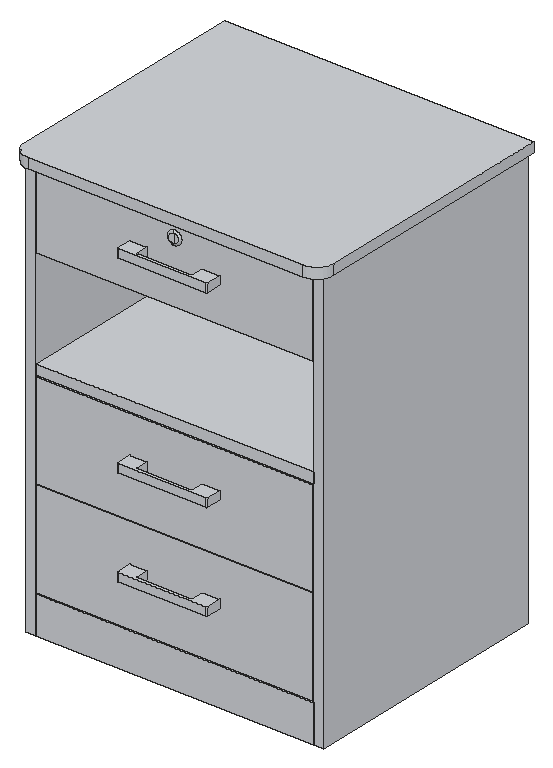
Revit family "4146 - Easton 2 Drawer Open Shelf Hospital Locker", category Furniture, Revit 2020
Family settings
  OmniClass Number = 23.40.20.00
  OmniClass Title = General Furniture and Specialties
  Work Plane-Based = No
  Always vertical = Yes
  Cut with Voids When Loaded = No
  Shared = No
  Room Calculation Point = No
Parameters
  Top Material = none
  Legs Wheel Material = none
  Handles Material = none
  Front Material = none
  Default Elevation = 0 mm
  Base Material = none
Reference planes
  plane 1 "Center (Front/Back)": y = 0
  plane 2: z = 0
  plane 3 "Center (Left/Right)": x = 0
  plane 4: y = 235
  plane 5: y = 215
  plane 6: y = -195
  plane 7: y = -215
  plane 8: x = 175
  plane 9: y = -126
  plane 10: y = 146
  plane 11: x = -245
  plane 12: x = -263
  plane 13: x = -79
  plane 14: x = -49
  plane 15: z = 780
  plane 16: z = 762
  plane 17: z = 15
  plane 18: z = 63
  plane 19: z = 81
  plane 20: z = 83
  plane 21: z = 253
  plane 22: z = 255
  plane 23: z = 425
  plane 24: z = 427
  plane 25: z = 445
  plane 26: z = 760
  plane 27: z = 620
  plane 28: z = 171
  plane 29: z = 186
  plane 30: x = -243
  plane 31: x = 243
  plane 32: x = 245
  plane 33: z = 730
  plane 34: y = -110
  plane 35: z = 25
  plane 36: z = 254.032
Forms (mm)
  Extrusion 1, solid, material <- "Base Material"
    sketch origin (-265.927, -1524, 15) x (-1, 0, 0) y (0, -1, 0)
      loop
        line (-2.927, -1309) -> (-20.927, -1309) -> (-20.927, -1759) -> (-2.927, -1759) -> (-2.927, -1309)
    from 0 to 747
  Extrusion 2, solid, material <- "Base Material"
    sketch origin (-265.927, -1524, 15) x (-1, 0, 0) y (0, -1, 0)
      loop
        line (-20.927, -1329) -> (-20.927, -1309) -> (-510.927, -1309) -> (-510.927, -1329) -> (-20.927, -1329)
    from 0 to 66
  Extrusion 3, solid, material <- "Base Material"
    sketch origin (-287.495, -195, 1200) x (-1, 0, 0) y (0, 0, 1)
      loop
        line (-42.495, -1137) -> (-42.495, -1119) -> (-532.495, -1119) -> (-532.495, -1137) -> (-42.495, -1137)
    from 410 to -2
  Extrusion 4, solid, material <- "Base Material"
    sketch origin (304.619, -1524, 81) x (0, -1, 0) y (-1, 0, 0)
      loop
        line (-1739, 549.619) -> (-1759, 549.619) -> (-1759, 59.619) -> (-1739, 59.619) -> (-1739, 549.619)
    from 66 to -681
  Extrusion 5, solid, material <- "Front Material"
    sketch origin (-299.798, -1524, 83) x (-1, 0, 0) y (0, -1, 0)
      loop
        line (-56.798, -1309) -> (-542.798, -1309) -> (-542.798, -1329) -> (-56.798, -1329) -> (-56.798, -1309)
    from 0 to 170
  Extrusion 6, solid, material <- "Base Material"
    sketch origin (265.927, -1524, 15) x (1, 0, 0) y (0, 1, 0)
      loop
        line (-2.927, 1309) -> (-2.927, 1759) -> (-20.927, 1759) -> (-20.927, 1309) -> (-2.927, 1309)
    from 0 to 747
  Extrusion 7, solid, material <- "Base Material"
    sketch origin (-287.495, -195, 1564) x (-1, 0, 0) y (0, 0, 1)
      loop
        line (-42.495, -1137) -> (-42.495, -1119) -> (-532.495, -1119) -> (-532.495, -1137) -> (-42.495, -1137)
    from 410 to -20
  Extrusion 8, solid, material <- "Handles Material"
    sketch origin (-91.584, -1524, 171) x (-1, 0, 0) y (0, -1, 0)
      loop
        line (-12.584, -1309) -> (-12.584, -1283)
        arc (-12.584, -1283) -> (-13.17, -1281.586) -> (-14.584, -1281) r 2
        line (-14.584, -1281) -> (-168.584, -1281)
        arc (-168.584, -1281) -> (-169.998, -1281.586) -> (-170.584, -1283) r 2
        line (-170.584, -1283) -> (-170.584, -1309) -> (-140.584, -1309) -> (-140.584, -1287.976)
        arc (-140.584, -1287.976) -> (-139.998, -1286.562) -> (-138.584, -1285.976) r 2
        line (-138.584, -1285.976) -> (-44.584, -1285.976)
        arc (-44.584, -1285.976) -> (-43.17, -1286.562) -> (-42.584, -1287.976) r 2
        line (-42.584, -1287.976) -> (-42.584, -1309) -> (-12.584, -1309)
    from 0 to 15
  Extrusion 9, solid, material <- "Top Material"
    sketch origin (-275.354, -1524, 762) x (-1, 0, 0) y (0, -1, 0)
      loop
        line (-2.854, -1759) -> (-2.854, -1319)
        arc (-2.854, -1319) -> (-11.641, -1297.787) -> (-32.854, -1289) r 30
        line (-32.854, -1289) -> (-517.854, -1289)
        arc (-517.854, -1289) -> (-539.067, -1297.787) -> (-547.854, -1319) r 30
        line (-547.854, -1319) -> (-547.854, -1759) -> (-2.854, -1759)
    from 0 to 18
  Revolve 10, solid, material <- "Handles Material"
    sketch origin (0, 0, 0) x (0, 1, 0) y (0, 0, 1)
      loop
        arc (-215, 741.674) -> (-216.964, 740.861) -> (-217.778, 738.896) r 2.778
        line (-217.778, 738.896) -> (-217.778, 730) -> (-215, 730) -> (-215, 741.674)
      axis (-217.778, 730) -> (-215, 730)
    angle from 0 to 360
  Revolve 11, solid, material <- "Legs Wheel Material"
    sketch origin (4267.2, -110, 56.58) x (0, 0, 1) y (1, 0, 0)
      loop
        line (-31.58, -4082.7) -> (-31.58, -4069.2) -> (-54.58, -4069.2)
        arc (-54.58, -4069.2) -> (-55.994, -4069.786) -> (-56.58, -4071.2) r 2
        line (-56.58, -4071.2) -> (-56.58, -4082.7) -> (-31.58, -4082.7)
      axis (-31.58, -4082.7) -> (-31.58, -4069.2)
    angle from 0 to 360
  Revolve 12, solid, material <- "Legs Wheel Material"
    sketch origin (-3917.2, -110, 56.58) x (0, 0, 1) y (1, 0, 0)
      loop
        line (-31.58, 4082.7) -> (-56.58, 4082.7) -> (-56.58, 4071.2)
        arc (-56.58, 4071.2) -> (-55.994, 4069.786) -> (-54.58, 4069.2) r 2
        line (-54.58, 4069.2) -> (-31.58, 4069.2) -> (-31.58, 4082.7)
      axis (-31.58, 4082.7) -> (-31.58, 4069.2)
    angle from 0 to 360
  Revolve 13, solid, material <- "Legs Wheel Material"
    sketch origin (4267.2, 162, 56.58) x (0, 0, 1) y (1, 0, 0)
      loop
        line (-31.58, -4082.7) -> (-31.58, -4069.2) -> (-54.58, -4069.2)
        arc (-54.58, -4069.2) -> (-55.994, -4069.786) -> (-56.58, -4071.2) r 2
        line (-56.58, -4071.2) -> (-56.58, -4082.7) -> (-31.58, -4082.7)
      axis (-31.58, -4082.7) -> (-31.58, -4069.2)
    angle from 0 to 360
  Revolve 14, solid, material <- "Legs Wheel Material"
    sketch origin (-3917.2, 162, 56.58) x (0, 0, 1) y (1, 0, 0)
      loop
        line (-31.58, 4082.7) -> (-56.58, 4082.7) -> (-56.58, 4071.2)
        arc (-56.58, 4071.2) -> (-55.994, 4069.786) -> (-54.58, 4069.2) r 2
        line (-54.58, 4069.2) -> (-31.58, 4069.2) -> (-31.58, 4082.7)
      axis (-31.58, 4082.7) -> (-31.58, 4069.2)
    angle from 0 to 360
  Revolve 15, solid, material <- "Legs Wheel Material"
    sketch origin (-4267.2, -110, 56.58) x (0, 0, 1) y (1, 0, 0)
      loop
        line (-31.58, 4082.7) -> (-56.58, 4082.7) -> (-56.58, 4071.2)
        arc (-56.58, 4071.2) -> (-55.994, 4069.786) -> (-54.58, 4069.2) r 2
        line (-54.58, 4069.2) -> (-31.58, 4069.2) -> (-31.58, 4082.7)
      axis (-31.58, 4082.7) -> (-31.58, 4069.2)
    angle from 0 to 360
  Revolve 16, solid, material <- "Legs Wheel Material"
    sketch origin (3917.2, -110, 56.58) x (0, 0, 1) y (1, 0, 0)
      loop
        line (-31.58, -4082.7) -> (-31.58, -4069.2) -> (-54.58, -4069.2)
        arc (-54.58, -4069.2) -> (-55.994, -4069.786) -> (-56.58, -4071.2) r 2
        line (-56.58, -4071.2) -> (-56.58, -4082.7) -> (-31.58, -4082.7)
      axis (-31.58, -4082.7) -> (-31.58, -4069.2)
    angle from 0 to 360
  Revolve 17, solid, material <- "Legs Wheel Material"
    sketch origin (-4267.2, 162, 56.58) x (0, 0, 1) y (1, 0, 0)
      loop
        line (-31.58, 4082.7) -> (-56.58, 4082.7) -> (-56.58, 4071.2)
        arc (-56.58, 4071.2) -> (-55.994, 4069.786) -> (-54.58, 4069.2) r 2
        line (-54.58, 4069.2) -> (-31.58, 4069.2) -> (-31.58, 4082.7)
      axis (-31.58, 4082.7) -> (-31.58, 4069.2)
    angle from 0 to 360
  Revolve 18, solid, material <- "Legs Wheel Material"
    sketch origin (3917.2, 162, 56.58) x (0, 0, 1) y (1, 0, 0)
      loop
        line (-31.58, -4082.7) -> (-31.58, -4069.2) -> (-54.58, -4069.2)
        arc (-54.58, -4069.2) -> (-55.994, -4069.786) -> (-56.58, -4071.2) r 2
        line (-56.58, -4071.2) -> (-56.58, -4082.7) -> (-31.58, -4082.7)
      axis (-31.58, -4082.7) -> (-31.58, -4069.2)
    angle from 0 to 360
  Extrusion 19, solid, material <- "Front Material"
    sketch origin (-299.798, -1524, 425.063) x (0, 1, 0) y (1, 0, 0)
      loop
        line (1309, 56.798) -> (1329, 56.798) -> (1329, 542.798) -> (1309, 542.798) -> (1309, 56.798)
    from 0 to 170
  Extrusion 20, solid, material <- "Handles Material"
    sketch origin (-91.584, -1524, 358) x (0, 1, 0) y (1, 0, 0)
      loop
        line (1309, 12.584) -> (1309, 42.584) -> (1287.976, 42.584)
        arc (1287.976, 42.584) -> (1286.562, 43.17) -> (1285.976, 44.584) r 2
        line (1285.976, 44.584) -> (1285.976, 138.584)
        arc (1285.976, 138.584) -> (1286.562, 139.998) -> (1287.976, 140.584) r 2
        line (1287.976, 140.584) -> (1309, 140.584) -> (1309, 170.584) -> (1283, 170.584)
        arc (1283, 170.584) -> (1281.586, 169.998) -> (1281, 168.584) r 2
        line (1281, 168.584) -> (1281, 14.584)
        arc (1281, 14.584) -> (1281.586, 13.17) -> (1283, 12.584) r 2
        line (1283, 12.584) -> (1309, 12.584)
    from 0 to 15
  Extrusion 21, solid, material <- "Front Material"
    sketch origin (-299.798, -1524, 759.902) x (0, 1, 0) y (1, 0, 0)
      loop
        line (1309, 56.798) -> (1329, 56.798) -> (1329, 542.798) -> (1309, 542.798) -> (1309, 56.798)
    from 0 to 139.902
  Extrusion 22, solid, material <- "Handles Material"
    sketch origin (-91.584, -1524, 697.383) x (0, 1, 0) y (1, 0, 0)
      loop
        line (1309, 12.584) -> (1309, 42.584) -> (1287.976, 42.584)
        arc (1287.976, 42.584) -> (1286.562, 43.17) -> (1285.976, 44.584) r 2
        line (1285.976, 44.584) -> (1285.976, 138.584)
        arc (1285.976, 138.584) -> (1286.562, 139.998) -> (1287.976, 140.584) r 2
        line (1287.976, 140.584) -> (1309, 140.584) -> (1309, 170.584) -> (1283, 170.584)
        arc (1283, 170.584) -> (1281.586, 169.998) -> (1281, 168.584) r 2
        line (1281, 168.584) -> (1281, 14.584)
        arc (1281, 14.584) -> (1281.586, 13.17) -> (1283, 12.584) r 2
        line (1283, 12.584) -> (1309, 12.584)
    from 0 to 15
Dimensions and locks
  aligned and locked: level to plane 2
